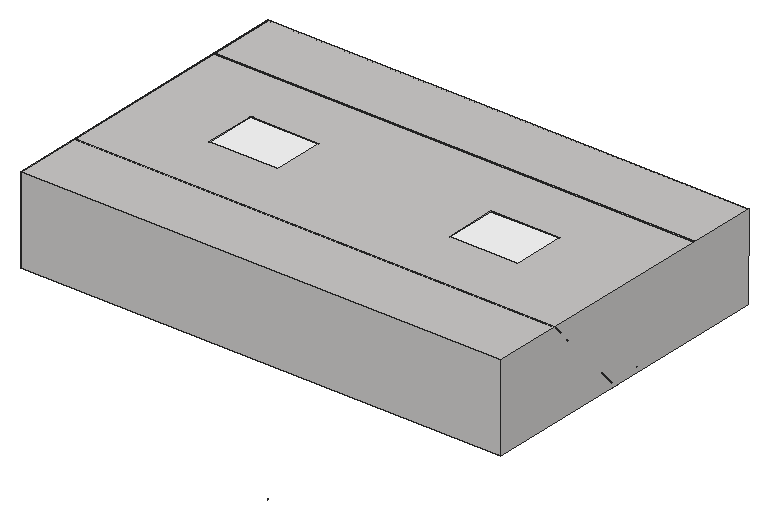
Revit family "QF_ELECTROLUXPROFESSIONAL_642013_EC1828T", category Specialty Equipment, Revit 2014
Reference planes
  plane 1: z = 0
  plane 2 "Center (Left/Right)": x = 150
  plane 3 "LEFT": x = -1250
  plane 4 "RIGHT": x = 1550
  plane 5 "BACK": y = 550
  plane 6 "TOP": z = 2500
  plane 7 "Base": z = 2000
  plane 8: z = 1946
  plane 9: x = -1247
  plane 10 "DrainX": x = 1399
  plane 11 "AOLeft2": x = -350
  plane 12 "AORight1": x = 650
  plane 13: x = 1547
  plane 14: x = -1050
  plane 15: x = 1350
  plane 16: x = 50
  plane 17: x = 250
  plane 18 "AOLeft1": x = -750
  plane 19 "AORight2": x = 1050
  plane 20: y = -200
  plane 21 "Front": y = -1250
  plane 22: through (0, 60.354, 2382.279) normal (0, 0.766, -0.6428)
  plane 23: through (0, -760.351, 2382.279) normal (0, -0.766, -0.6428)
  plane 24: through (0, 72.154, 2402.468) normal (0, -0.753, 0.6581)
  plane 25: through (0, -772.152, 2402.468) normal (0, -0.753, -0.6581)
  plane 26 "Center (Front/Back)": y = -350
  plane 27: y = -500
Forms (mm)
  Extrusion 1, solid, material "QF_Finishes_Stainless Steel"
    sketch origin (-1250, 0, 360) x (0, 1, 0) y (0, 0, 1)
      loop
        line (550, 1640) -> (550, 2140) -> (-1250, 2140) -> (-1250, 1640) -> (550, 1640)
    from 0 to 3
  Extrusion 2, solid, material "QF_Finishes_Stainless Steel"
    sketch origin (1550, 0, 360) x (0, 1, 0) y (0, 0, 1)
      loop
        line (550, 1640) -> (550, 2140) -> (-1250, 2140) -> (-1250, 1640) -> (550, 1640)
    from 0 to -3
  Extrusion 3, solid, material "QF_Finishes_Stainless Steel"
    sketch origin (150, 0, 360) x (0, 1, 0) y (0, 0, 1)
      loop
        line (-1250, 2140) -> (-1250, 1640) -> (-1240, 1640) -> (-1240, 1640.8) -> (-1249.2, 1640.8) -> (-1249.2, 2139.19) -> (549.2, 2139.19) -> (549.2, 1640.8) -> (540, 1640.8) -> (540, 1640) -> (550, 1640) -> (550, 2140) -> (-1250, 2140)
    from -1400 to 1400
  Extrusion 4, solid, material "QF_Finishes_Stainless Steel"
    sketch origin (0, -800, 2000) x (0, 1, 0) y (-1, 0, 0)
      loop
        circle (550, -1399) r 6.35
    from -3.799 to 0
  Extrusion 5, void
    sketch origin (0, 200, 2500) x (0, 1, 0) y (-1, 0, 0)
      loop
        line (-400, 350) -> (-400, 750) -> (-700, 750) -> (-700, 350) -> (-400, 350)
    from 0 to -10
  Extrusion 6, solid, material "QF_Finishes_Stainless Steel"
    sketch origin (0, 0, 0) x (1, 0, 0) y (0, 1, 0)
      loop
        line (-1250, 550) -> (-1250, 549) -> (-1249, 549) -> (-1249, 550) -> (-1250, 550)
    from 0 to 1
  Extrusion 7, solid, material "QF_Finishes_Stainless Steel"
    sketch origin (150, -200, 360) x (0, 1, 0) y (0, 0, 1)
      loop
        line (-79.471, 1685.734) -> (-56.882, 1665.992) -> (272.154, 2042.468) -> (249.566, 2062.21) -> (-79.471, 1685.734)
      loop
        line (-572.152, 2042.468) -> (-243.115, 1665.992) -> (-220.526, 1685.734) -> (-549.563, 2062.21) -> (-572.152, 2042.468)
    from -1200 to -1397
  Extrusion 8, solid, material "QF_Finishes_Stainless Steel"
    sketch origin (150, -200, 360) x (0, 1, 0) y (0, 0, 1)
      loop
        line (360.354, 2141.454) -> (357.903, 2143.511) -> (264.331, 2031.996) -> (266.169, 2030.453) -> (357.41, 2139.19) -> (358.454, 2139.19) -> (360.354, 2141.454)
      loop
        line (-39.202, 1672.761) -> (-56.017, 1663.363) -> (-81.407, 1685.429) -> (-81.974, 1684.862) -> (-54.914, 1661.345) -> (-90.242, 1641.601) -> (-209.758, 1641.601) -> (-245.086, 1661.345) -> (-218.026, 1684.862) -> (-218.593, 1685.429) -> (-243.983, 1663.363) -> (-260.798, 1672.761) -> (-262.311, 1670.055) -> (-209.966, 1640.801) -> (-90.034, 1640.801) -> (-37.689, 1670.055) -> (-39.202, 1672.761)
      loop
        line (-560.354, 2022.279) -> (-557.903, 2024.336) -> (-564.331, 2031.996) -> (-566.169, 2030.453) -> (-657.41, 2139.19) -> (-658.454, 2139.19) -> (-560.354, 2022.279)
    from -1397 to 1397
  Extrusion 9, solid, material "QF_Finishes_Stainless Steel"
    sketch origin (150, -200, 360) x (0, 1, 0) y (0, 0, 1)
      loop
        line (272.154, 2042.468) -> (249.566, 2062.21) -> (-79.471, 1685.734) -> (-56.882, 1665.992) -> (272.154, 2042.468)
      loop
        line (-572.154, 2042.468) -> (-243.118, 1665.992) -> (-220.529, 1685.734) -> (-549.566, 2062.21) -> (-572.154, 2042.468)
    from 1397 to 1200
  Extrusion 10, solid, material "QF_Finishes_Stainless Steel"
    sketch origin (150, -200, 360) x (0, 1, 0) y (0, 0, 1)
      loop
        line (272.154, 2042.468) -> (249.566, 2062.21) -> (-79.471, 1685.734) -> (-56.882, 1665.992) -> (272.154, 2042.468)
      loop
        line (-572.154, 2042.468) -> (-243.118, 1665.992) -> (-220.529, 1685.734) -> (-549.566, 2062.21) -> (-572.154, 2042.468)
    from -100 to 100
  Extrusion 11, solid, material "QF_Finished_Chrome"
    sketch origin (150, -200, 360) x (0, 1, 0) y (0, 0, 1)
      loop
        line (249.566, 2062.21) -> (-79.471, 1685.734) -> (-56.882, 1665.992) -> (272.154, 2042.468) -> (249.566, 2062.21)
      loop
        line (-549.566, 2062.21) -> (-572.154, 2042.468) -> (-243.118, 1665.992) -> (-220.529, 1685.734) -> (-549.566, 2062.21)
    from -1200 to -100
  Extrusion 12, solid, material "QF_Finished_Chrome"
    sketch origin (150, -200, 360) x (0, 1, 0) y (0, 0, 1)
      loop
        line (272.154, 2042.468) -> (249.566, 2062.21) -> (-79.471, 1685.734) -> (-56.882, 1665.992) -> (272.154, 2042.468)
      loop
        line (-572.154, 2042.468) -> (-243.118, 1665.992) -> (-220.529, 1685.734) -> (-549.566, 2062.21) -> (-572.154, 2042.468)
    from 100 to 1200
  Sweep 13, solid, material "QF_Finishes_Stainless Steel"
    path origin (0, 0, 0) x (1, 0, 0) y (0, 1, 0)
      loop
        line (1550, 550) -> (-1250, 550) -> (-1250, -1250) -> (1550, -1250) -> (1550, 550)
    profile origin (1550, -350, 0) x (1, 0, 0) y (0, 0, 1)
      loop
        line (-3, 2000) -> (-3, 2000.8) -> (-19, 2000.8) -> (-19, 2010) -> (-20, 2010) -> (-20, 2000) -> (-3, 2000)
  Extrusion 14, void
    sketch origin (0, 200, 2500) x (0, 1, 0) y (-1, 0, 0)
      loop
        line (-400, -1050) -> (-400, -650) -> (-700, -650) -> (-700, -1050) -> (-400, -1050)
    from 0 to -10
  Extrusion 15, solid, material "QF_Finishes_Stainless Steel"
    sketch origin (1399, 0, 0) x (0, 1, 0) y (0, 0, 1)
      loop
        arc (-305.856, 1994.063) -> (-304.108, 1996.894) -> (-300.97, 1998.001) r 5
        line (-300.97, 1998.001) -> (-295, 1998.001) -> (-295, 2000.8) -> (-405, 2000.8) -> (-405, 1998.001) -> (-399.03, 1998.001)
        arc (-399.03, 1998.001) -> (-395.892, 1996.894) -> (-394.144, 1994.063) r 5
        line (-394.144, 1994.063) -> (-387.14, 1955.845)
        arc (-387.14, 1955.845) -> (-382.769, 1948.768) -> (-374.925, 1946) r 12.5
        line (-374.925, 1946) -> (-325.075, 1946)
        arc (-325.075, 1946) -> (-317.231, 1948.768) -> (-312.86, 1955.845) r 12.5
        line (-312.86, 1955.845) -> (-305.856, 1994.063)
    from -90 to 90
Cuts and joins
  Extrusion 5, Extrusion 14 cuts Extrusion 3
  joined: Extrusion 2, Extrusion 3, Sweep 13
Lines and regions (mm)
  symbolic lines, style "SpecialityEquipment", detail levels coarse
    curve 1: line (1550, 550, 2500) -> (-1250, 550, 2500)
    curve 2: line (-1250, 550, 2500) -> (-1250, -1250.8, 2500)
    curve 3: line (1550, -1250.8, 2500) -> (1550, 550, 2500)
    curve 4: line (-1250, 550, 0) -> (1550, -1250, 0)
    curve 5: line (1550, 550, 0) -> (-1250, -1250, 0)
  symbolic lines, detail levels coarse
    curve 6: line (-1250, -1250, 0) -> (1550, -1250, 0)
    curve 7: line (-750, -500, 0) -> (-350, -500, 0)
    curve 8: line (-750, -200, 0) -> (-750, -500, 0)
    curve 9: line (-350, -200, 0) -> (-750, -200, 0)
    curve 10: line (-350, -500, 0) -> (-350, -200, 0)
    curve 11: line (650, -200, 0) -> (650, -500, 0)
    curve 12: line (1050, -200, 0) -> (650, -200, 0)
    curve 13: line (1050, -500, 0) -> (1050, -200, 0)
    curve 14: line (650, -500, 0) -> (1050, -500, 0)
Dimensions and locks
  plane 3 "LEFT" to plane 4 "RIGHT" = 2800 mm
  equal spacing: plane 3 "LEFT", plane 2 "Center (Left/Right)", plane 4 "RIGHT"
  plane 3 "LEFT" to plane 9 = 3 mm
  plane 10 "DrainX" to plane 4 "RIGHT" = 151 mm
  plane 13 to plane 4 "RIGHT" = 3 mm
  plane 3 "LEFT" to plane 14 = 200 mm
  plane 15 to plane 4 "RIGHT" = 200 mm
  locked: plane 11 "AOLeft2" to plane 12 "AORight1" at 1000
  equal spacing: plane 11 "AOLeft2", plane 2 "Center (Left/Right)", plane 12 "AORight1"
  locked: plane 7 "Base" to level at 2000
  locked: plane 16 to plane 17 at 200
  equal spacing: plane 16, plane 2 "Center (Left/Right)", plane 17
  plane 18 "AOLeft1" to plane 11 "AOLeft2" = 400 mm
  plane 12 "AORight1" to plane 19 "AORight2" = 400 mm
  plane 7 "Base" to plane 8 = 54 mm
  plane 5 "BACK" to plane 21 "Front" = 1800 mm  (x2)
  equal spacing: plane 5 "BACK", plane 26 "Center (Front/Back)", plane 21 "Front"
  locked: plane 6 "TOP" to plane 7 "Base" at 500
  plane 27 to plane 20 = 300 mm
  equal spacing: plane 27, plane 26 "Center (Front/Back)", plane 20
  aligned and locked: level to plane 1
  aligned and locked: plane 4 "RIGHT" to Extrusion 3
  aligned and locked: Extrusion 3 to plane 3 "LEFT"
  aligned and locked: Extrusion 7 to plane 9
  aligned and locked: plane 14 to Extrusion 7
  aligned and locked: Extrusion 2 to plane 13
  aligned and locked: plane 13 to Extrusion 9
  aligned and locked: plane 15 to Extrusion 9
  aligned and locked: plane 17 to Extrusion 10
  aligned and locked: Extrusion 10 to plane 16
  aligned and locked: plane 16 to Extrusion 11
  aligned and locked: Extrusion 11 to plane 14
  aligned and locked: Extrusion 12 to plane 17
  aligned and locked: Extrusion 12 to plane 15
  aligned and locked: Extrusion 8 to plane 9
  aligned and locked: plane 13 to Extrusion 8
  aligned and locked: Extrusion 5 to plane 18 "AOLeft1"
  aligned and locked: Extrusion 5 to plane 11 "AOLeft2"
  aligned and locked: plane 12 "AORight1" to Extrusion 14
  aligned and locked: plane 19 "AORight2" to Extrusion 14
  aligned and locked: plane 21 "Front" to Sweep 13 sketch curve
  aligned and locked: plane 27 to Extrusion 14
  aligned and locked: plane 27 to Extrusion 5
  aligned and locked: plane 20 to Extrusion 14
  aligned and locked: plane 20 to Extrusion 5
  aligned and locked: curve 7 to Extrusion 5
  aligned and locked: curve 8 to Extrusion 5
  aligned and locked: curve 9 to Extrusion 5
  aligned and locked: curve 10 to Extrusion 5
  aligned and locked: curve 11 to Extrusion 14
  aligned and locked: curve 12 to Extrusion 14
  aligned and locked: curve 13 to Extrusion 14
  aligned and locked: curve 14 to Extrusion 14
Automatic sketch dimensions
  curve 2 to plane 3 "LEFT" = 0 mm
  curve 3 to plane 4 "RIGHT" = 0 mm
  curve 2 to plane 5 "BACK" = 0 mm
  Extrusion 1 sketch curve to plane 7 "Base" = 0 mm
  Extrusion 1 sketch curve to plane 5 "BACK" = 0 mm
  Extrusion 1 sketch curve to plane 6 "TOP" = 0 mm
  Extrusion 2 sketch curve to plane 7 "Base" = 0 mm
  Extrusion 2 sketch curve to plane 5 "BACK" = 0 mm
  Extrusion 2 sketch curve to plane 6 "TOP" = 0 mm
  Extrusion 3 sketch curve to plane 6 "TOP" = 0 mm
  Extrusion 3 sketch curve to plane 7 "Base" = 0 mm  (x2)
  Extrusion 3 sketch curve to plane 5 "BACK" = 0 mm
  Extrusion 3 sketch curve to Extrusion 3 sketch curve = 9.2 mm
  plane 7 "Base" to Extrusion 3 sketch curve = 0.8 mm  (x2)
  Extrusion 3 sketch curve to plane 5 "BACK" = 10 mm
  Extrusion 3 sketch curve to plane 5 "BACK" = 0.8 mm
  Extrusion 3 sketch curve to plane 6 "TOP" = 0.81 mm
  Extrusion 4 sketch curve to plane 10 "DrainX" = 0 mm
  Extrusion 5 sketch curve to plane 11 "AOLeft2" = 0 mm
  Extrusion 5 sketch curve to plane 18 "AOLeft1" = 0 mm
  Extrusion 6 sketch curve to plane 3 "LEFT" = 0 mm
  Extrusion 6 sketch curve to plane 5 "BACK" = 0 mm
  plane 3 "LEFT" to Extrusion 6 sketch curve = 1 mm
  Extrusion 6 sketch curve to Extrusion 6 sketch curve = 1 mm
  Sweep 13 sketch curve to plane 3 "LEFT" = 0 mm
  Sweep 13 sketch curve to plane 4 "RIGHT" = 0 mm
  Sweep 13 sketch curve to plane 5 "BACK" = 0 mm
  profile plane to Sweep 13 sketch curve = 20 mm
  Sweep 13 sketch curve to Sweep 13 sketch curve = 1 mm
  profile plane to Sweep 13 sketch curve = 3 mm
  level to Sweep 13 sketch curve = 2000 mm
  Sweep 13 sketch curve to Sweep 13 sketch curve = 0.8 mm
  Sweep 13 sketch curve to Sweep 13 sketch curve = 9.2 mm
  Extrusion 14 sketch curve to plane 11 "AOLeft2" = 1400 mm
  plane 18 "AOLeft1" to Extrusion 14 sketch curve = 1400 mm
  Extrusion 14 sketch curve to Extrusion 14 sketch curve = 300 mm
  Extrusion 3 sketch curve to Extrusion 3 sketch curve = 0.8 mm
  curve 5 to plane 3 "LEFT" = 0 mm
  curve 4 to plane 3 "LEFT" = 0 mm
  curve 5 to plane 4 "RIGHT" = 0 mm
  curve 6 to plane 4 "RIGHT" = 0 mm
  curve 4 to plane 5 "BACK" = 0 mm
  curve 5 to plane 5 "BACK" = 0 mm
  curve 6 to plane 21 "Front" = 0 mm
  Extrusion 7 sketch curve to plane 24 = 0 mm  (x2)
  Extrusion 7 sketch curve to plane 6 "TOP" = 77.79 mm  (x2)
  plane 7 "Base" to Extrusion 7 sketch curve = 25.992 mm  (x2)
  plane 7 "Base" to Extrusion 7 sketch curve = 45.734 mm
  Extrusion 7 sketch curve to plane 25 = 0 mm
  plane 25 to Extrusion 7 sketch curve = 0 mm
  Extrusion 11 sketch curve to plane 24 = 0 mm  (x2)
  Extrusion 11 sketch curve to plane 6 "TOP" = 77.79 mm  (x2)
  Extrusion 11 sketch curve to Extrusion 11 sketch curve = 22.589 mm
  plane 7 "Base" to Extrusion 11 sketch curve = 25.992 mm  (x2)
  Extrusion 10 sketch curve to plane 24 = 0 mm  (x2)
  Extrusion 10 sketch curve to plane 6 "TOP" = 77.79 mm  (x2)
  Extrusion 10 sketch curve to Extrusion 10 sketch curve = 22.589 mm
  plane 7 "Base" to Extrusion 10 sketch curve = 25.992 mm  (x2)
  Extrusion 12 sketch curve to plane 24 = 0 mm  (x2)
  Extrusion 12 sketch curve to plane 6 "TOP" = 77.79 mm  (x2)
  Extrusion 12 sketch curve to Extrusion 12 sketch curve = 22.589 mm
  plane 7 "Base" to Extrusion 12 sketch curve = 25.992 mm  (x2)
  Extrusion 9 sketch curve to plane 24 = 0 mm  (x2)
  Extrusion 9 sketch curve to plane 6 "TOP" = 77.79 mm  (x2)
  Extrusion 9 sketch curve to Extrusion 9 sketch curve = 22.589 mm
  plane 7 "Base" to Extrusion 9 sketch curve = 25.992 mm  (x2)
  Extrusion 4 sketch curve to plane 20 = 50 mm
  plane 7 "Base" to Extrusion 9 sketch curve = 45.734 mm
  plane 7 "Base" to Extrusion 10 sketch curve = 45.734 mm
  plane 7 "Base" to Extrusion 11 sketch curve = 45.734 mm
  plane 7 "Base" to Extrusion 12 sketch curve = 45.734 mm
  plane 26 "Center (Front/Back)" to Extrusion 5 sketch curve = 150 mm
  plane 22 to Extrusion 8 sketch curve = 0 mm  (x2)
  Extrusion 8 sketch curve to plane 6 "TOP" = 0.81 mm  (x2)
  plane 21 "Front" to Extrusion 8 sketch curve = 391.546 mm
  Extrusion 8 sketch curve to Extrusion 8 sketch curve = 1.044 mm
  Extrusion 8 sketch curve to plane 6 "TOP" = 109.547 mm  (x2)
  Extrusion 8 sketch curve to Extrusion 8 sketch curve = 91.241 mm
  Extrusion 8 sketch curve to plane 6 "TOP" = 108.004 mm  (x2)
  Extrusion 8 sketch curve to plane 6 "TOP" = 117.721 mm
  plane 7 "Base" to Extrusion 8 sketch curve = 30.055 mm
  plane 7 "Base" to Extrusion 8 sketch curve = 32.761 mm  (x2)
  Extrusion 8 sketch curve to Extrusion 8 sketch curve = 1.512 mm
  plane 7 "Base" to Extrusion 8 sketch curve = 21.345 mm  (x2)
  Extrusion 8 sketch curve to Extrusion 8 sketch curve = 17.225 mm
  plane 7 "Base" to Extrusion 8 sketch curve = 23.363 mm  (x2)
  Extrusion 8 sketch curve to Extrusion 8 sketch curve = 25.389 mm  (x2)
  Extrusion 8 sketch curve to Extrusion 8 sketch curve = 0.567 mm  (x4)
  plane 7 "Base" to Extrusion 8 sketch curve = 0.801 mm
  Extrusion 8 sketch curve to Extrusion 8 sketch curve = 0.208 mm  (x2)
  plane 7 "Base" to Extrusion 8 sketch curve = 1.601 mm
  Extrusion 8 sketch curve to Extrusion 8 sketch curve = 8.268 mm
  Extrusion 8 sketch curve to Extrusion 8 sketch curve = 1.103 mm
  Extrusion 8 sketch curve to Extrusion 8 sketch curve = 16.816 mm
  plane 20 to Extrusion 8 sketch curve = 357.903 mm
  Extrusion 8 sketch curve to Extrusion 8 sketch curve = 2.451 mm
  Extrusion 8 sketch curve to Extrusion 8 sketch curve = 21.498 mm  (x2)
  curve 3 to plane 21 "Front" = 0.8 mm
  curve 2 to plane 21 "Front" = 0.8 mm
  Extrusion 1 sketch curve to plane 21 "Front" = 0 mm
  Extrusion 2 sketch curve to plane 21 "Front" = 0 mm
  Extrusion 3 sketch curve to plane 21 "Front" = 0 mm
  Extrusion 5 sketch curve to plane 26 "Center (Front/Back)" = 150 mm
  Extrusion 7 sketch curve to plane 26 "Center (Front/Back)" = 399.563 mm
  Extrusion 8 sketch curve to plane 26 "Center (Front/Back)" = 112.311 mm
  plane 26 "Center (Front/Back)" to Extrusion 8 sketch curve = 59.758 mm
  Extrusion 9 sketch curve to plane 26 "Center (Front/Back)" = 70.529 mm
  Extrusion 9 sketch curve to plane 26 "Center (Front/Back)" = 399.566 mm
  Extrusion 10 sketch curve to plane 26 "Center (Front/Back)" = 70.529 mm
  Extrusion 10 sketch curve to plane 26 "Center (Front/Back)" = 399.566 mm
  Extrusion 11 sketch curve to plane 26 "Center (Front/Back)" = 70.529 mm
  Extrusion 11 sketch curve to plane 26 "Center (Front/Back)" = 399.566 mm
  Extrusion 12 sketch curve to plane 26 "Center (Front/Back)" = 70.529 mm
  Extrusion 12 sketch curve to plane 26 "Center (Front/Back)" = 399.566 mm
  Extrusion 14 sketch curve to plane 20 = 0 mm
  Extrusion 15 sketch curve to plane 8 = 0 mm
  Extrusion 15 sketch curve to plane 7 "Base" = 1.999 mm  (x2)
  Extrusion 15 sketch curve to plane 26 "Center (Front/Back)" = 55 mm
  Extrusion 15 sketch curve to Extrusion 15 sketch curve = 5.97 mm  (x2)
  Extrusion 15 sketch curve to plane 7 "Base" = 5.937 mm  (x2)
  Extrusion 15 sketch curve to Extrusion 15 sketch curve = 4.886 mm  (x2)
  plane 8 to Extrusion 15 sketch curve = 9.845 mm  (x2)
  Extrusion 15 sketch curve to plane 26 "Center (Front/Back)" = 37.14 mm
  Extrusion 15 sketch curve to Extrusion 15 sketch curve = 12.215 mm  (x2)
  plane 26 "Center (Front/Back)" to Extrusion 15 sketch curve = 24.925 mm
  Extrusion 15 sketch curve to Extrusion 15 sketch curve = 7.004 mm
  plane 7 "Base" to Extrusion 15 sketch curve = 0.8 mm
  radius of Extrusion 4 sketch curve = 6.35 mm
Connectors
  piping at (1399, -250, 1996.201), diameter 12.7
    settings: on Extrusion 4, index 1, connector inside diameter 609.6 mm, connector length 0 mm, flow factor 0, pipe flow 0.0 L/s, pressure drop 0.0 Pa, fitting loss kfactor 0, connector angle 0.00°, fixture units 0, engagement length 0 mm, angle of deflection 0.00°, flow configuration 1, flow direction 2, fitting loss method 0, system type 16, joint type 0, gender type 0, connector reference index -1, connector utility 0, adjustable connector no, is connector primary yes, connector description "Drain"
  hvac at (-550, -350, 2500)
    settings: on Extrusion 5, index 2, duct flow 0.0 L/s, flow factor 0, pres drop 0.0 Pa, loss coef 0, conn angle 0.00°, conn width 300 mm, conn height 400 mm, conn diameter 609.6 mm, duct sys type 3, conn prof type 1, flow config 1, flow direction 2, loss method 0, conn ref index -1, conn util no, is conn primary yes, conn desc "EXHAUST OUTLET"
  hvac at (850, -350, 2500)
    settings: on Extrusion 14, index 3, duct flow 0.0 L/s, flow factor 0, pres drop 0.0 Pa, loss coef 0, conn angle 0.00°, conn width 300 mm, conn height 400 mm, conn diameter 609.6 mm, duct sys type 3, conn prof type 1, flow config 1, flow direction 2, loss method 0, conn ref index -1, conn util no, is conn primary no, conn desc "EXHAUST OUTLET"
